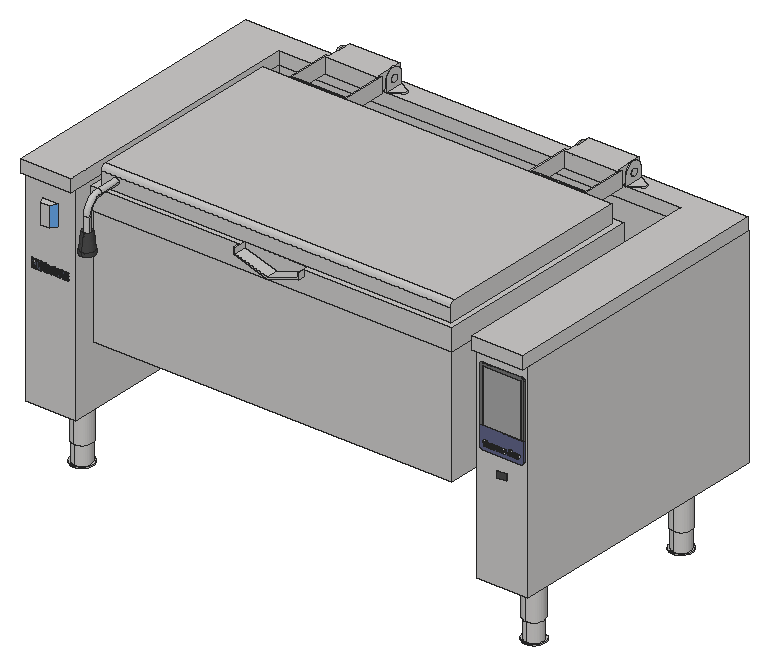
Revit family "QF_ELECTROLUXPROFESSIONAL_587035_PFET17ECUU", category Attrezzature speciali, Revit 2020 (continued)
Definition of nested family "QF_ELECTROLUXPROFESSIONAL_PBOTNB900_LEFT"
  Automatic sketch dimensions
    Extrusion 4 sketch curve to Extrusion 4 sketch curve = 1.476 mm  (x2)
    Extrusion 4 sketch curve to Extrusion 4 sketch curve = 1.469 mm  (x2)
    Extrusion 4 sketch curve to Extrusion 4 sketch curve = 3.728 mm
    Extrusion 4 sketch curve to Extrusion 4 sketch curve = 0.046 mm
    Extrusion 4 sketch curve to Extrusion 4 sketch curve = 0.177 mm
    Extrusion 4 sketch curve to Extrusion 4 sketch curve = 0.947 mm
    Extrusion 4 sketch curve to Extrusion 4 sketch curve = 0.308 mm
    Extrusion 4 sketch curve to Extrusion 4 sketch curve = 0.091 mm
    Extrusion 4 sketch curve to Extrusion 4 sketch curve = 2.375 mm
    Extrusion 4 sketch curve to Extrusion 4 sketch curve = 0.94 mm
    Extrusion 4 sketch curve to Extrusion 4 sketch curve = 0.54 mm
    Extrusion 4 sketch curve to Extrusion 4 sketch curve = 0.102 mm
    Extrusion 4 sketch curve to Extrusion 4 sketch curve = 0.002 mm  (x4)
    Extrusion 4 sketch curve to Extrusion 4 sketch curve = 0.105 mm
    Extrusion 4 sketch curve to Extrusion 4 sketch curve = 0.097 mm
    Extrusion 4 sketch curve to plane 3 "Center (Left/Right)" = 0.241 mm
    Extrusion 4 sketch curve to plane 3 "Center (Left/Right)" = 0.412 mm
    Extrusion 4 sketch curve to plane 3 "Center (Left/Right)" = 2.074 mm
    Extrusion 4 sketch curve to Extrusion 4 sketch curve = 1.777 mm
    Extrusion 4 sketch curve to plane 3 "Center (Left/Right)" = 2.704 mm
    Extrusion 4 sketch curve to Extrusion 4 sketch curve = 1.001 mm
    Extrusion 4 sketch curve to Extrusion 4 sketch curve = 1.393 mm  (x2)
    Extrusion 4 sketch curve to Extrusion 4 sketch curve = 2.363 mm
    Extrusion 4 sketch curve to Extrusion 4 sketch curve = 2.253 mm
    Extrusion 4 sketch curve to Extrusion 4 sketch curve = 0.014 mm  (x4)
    Extrusion 4 sketch curve to Extrusion 4 sketch curve = 0.172 mm
    Extrusion 4 sketch curve to Extrusion 4 sketch curve = 0.096 mm
    Extrusion 4 sketch curve to Extrusion 4 sketch curve = 0.164 mm
    Extrusion 4 sketch curve to Extrusion 4 sketch curve = 0.298 mm
    Extrusion 4 sketch curve to Extrusion 4 sketch curve = 0.247 mm
    Extrusion 4 sketch curve to Extrusion 4 sketch curve = 0.084 mm
    Extrusion 4 sketch curve to Extrusion 4 sketch curve = 6.484 mm
    Extrusion 4 sketch curve to Extrusion 4 sketch curve = 2.596 mm
    Extrusion 4 sketch curve to Extrusion 4 sketch curve = 0.059 mm  (x2)
    Extrusion 4 sketch curve to Extrusion 4 sketch curve = 3.889 mm
    Extrusion 4 sketch curve to Extrusion 4 sketch curve = 6.029 mm
    Extrusion 4 sketch curve to Extrusion 4 sketch curve = 0.929 mm
    Extrusion 4 sketch curve to Extrusion 4 sketch curve = 1.102 mm
    Extrusion 4 sketch curve to Extrusion 4 sketch curve = 0.756 mm  (x2)
    Extrusion 4 sketch curve to Extrusion 4 sketch curve = 0.852 mm
    Extrusion 4 sketch curve to Extrusion 4 sketch curve = 0.108 mm
    Extrusion 4 sketch curve to Extrusion 4 sketch curve = 0.101 mm
    Extrusion 4 sketch curve to Extrusion 4 sketch curve = 0.072 mm
    Extrusion 4 sketch curve to Extrusion 4 sketch curve = 1.67 mm
    Extrusion 4 sketch curve to Extrusion 4 sketch curve = 1.834 mm
    Extrusion 4 sketch curve to Extrusion 4 sketch curve = 0.366 mm
    Extrusion 4 sketch curve to Extrusion 4 sketch curve = 0.993 mm
    Extrusion 4 sketch curve to Extrusion 4 sketch curve = 0.81 mm
    Extrusion 4 sketch curve to Extrusion 4 sketch curve = 1.026 mm  (x2)
    Extrusion 4 sketch curve to Extrusion 4 sketch curve = 4.272 mm
    Extrusion 4 sketch curve to Extrusion 4 sketch curve = 0.163 mm
    Extrusion 4 sketch curve to Extrusion 4 sketch curve = 0.551 mm
    plane 14 to Extrusion 4 sketch curve = 6.023 mm
    Extrusion 4 sketch curve to Extrusion 4 sketch curve = 1.451 mm
    plane 14 to Extrusion 4 sketch curve = 5.28 mm
    Extrusion 4 sketch curve to Extrusion 4 sketch curve = 0.045 mm  (x2)
    Extrusion 4 sketch curve to Extrusion 4 sketch curve = 0.241 mm
    Extrusion 4 sketch curve to Extrusion 4 sketch curve = 0.039 mm
    Extrusion 4 sketch curve to Extrusion 4 sketch curve = 1.134 mm
    Extrusion 4 sketch curve to Extrusion 4 sketch curve = 2.351 mm
    Extrusion 4 sketch curve to plane 14 = 0.874 mm
    Extrusion 4 sketch curve to Extrusion 4 sketch curve = 10.128 mm
    Extrusion 4 sketch curve to Extrusion 4 sketch curve = 0.956 mm
    Extrusion 4 sketch curve to Extrusion 4 sketch curve = 1.263 mm
    Extrusion 4 sketch curve to Extrusion 4 sketch curve = 2.577 mm
    Extrusion 4 sketch curve to Extrusion 4 sketch curve = 0.243 mm
    Extrusion 4 sketch curve to Extrusion 4 sketch curve = 0.031 mm
    Extrusion 4 sketch curve to Extrusion 4 sketch curve = 7.148 mm
    Extrusion 4 sketch curve to Extrusion 4 sketch curve = 1.502 mm
    Extrusion 4 sketch curve to Extrusion 4 sketch curve = 11.54 mm
    Extrusion 4 sketch curve to Extrusion 4 sketch curve = 11.758 mm
    Extrusion 4 sketch curve to Extrusion 4 sketch curve = 4.097 mm
    Extrusion 4 sketch curve to Extrusion 4 sketch curve = 0.011 mm
    Extrusion 4 sketch curve to Extrusion 4 sketch curve = 4.488 mm
    plane 17 "CHW" to Extrusion 4 sketch curve = 191.223 mm
    Extrusion 4 sketch curve to Extrusion 4 sketch curve = 3.444 mm  (x2)
    Extrusion 4 sketch curve to Extrusion 4 sketch curve = 3.777 mm
    Extrusion 4 sketch curve to Extrusion 4 sketch curve = 1.093 mm
    Extrusion 4 sketch curve to Extrusion 4 sketch curve = 1.192 mm
    Extrusion 4 sketch curve to Extrusion 4 sketch curve = 0.319 mm
    Extrusion 4 sketch curve to Extrusion 4 sketch curve = 5.798 mm
    Extrusion 4 sketch curve to Extrusion 4 sketch curve = 2.021 mm
    Extrusion 4 sketch curve to Extrusion 4 sketch curve = 2.357 mm  (x3)
    Extrusion 4 sketch curve to Extrusion 4 sketch curve = 0.892 mm  (x3)
    Extrusion 4 sketch curve to Extrusion 4 sketch curve = 1.018 mm
    Extrusion 4 sketch curve to Extrusion 4 sketch curve = 3.382 mm  (x2)
    Extrusion 4 sketch curve to Extrusion 4 sketch curve = 2.117 mm
    Extrusion 4 sketch curve to Extrusion 4 sketch curve = 0.195 mm  (x2)
    Extrusion 4 sketch curve to Extrusion 4 sketch curve = 0.295 mm  (x2)
    Extrusion 4 sketch curve to Extrusion 4 sketch curve = 0.618 mm
    Extrusion 4 sketch curve to Extrusion 4 sketch curve = 0.385 mm  (x2)
    Extrusion 4 sketch curve to Extrusion 4 sketch curve = 1.626 mm  (x2)
    Extrusion 4 sketch curve to Extrusion 4 sketch curve = 1.65 mm
    Extrusion 4 sketch curve to Extrusion 4 sketch curve = 1.662 mm
    Extrusion 4 sketch curve to Extrusion 4 sketch curve = 0.013 mm  (x2)
    Extrusion 4 sketch curve to Extrusion 4 sketch curve = 0.292 mm
    Extrusion 4 sketch curve to Extrusion 4 sketch curve = 0.107 mm  (x2)
    Extrusion 4 sketch curve to Extrusion 4 sketch curve = 0.068 mm  (x2)
    Extrusion 4 sketch curve to Extrusion 4 sketch curve = 0.968 mm
    Extrusion 4 sketch curve to Extrusion 4 sketch curve = 0.365 mm
    Extrusion 4 sketch curve to Extrusion 4 sketch curve = 2.361 mm
    Extrusion 4 sketch curve to Extrusion 4 sketch curve = 2.359 mm
    Extrusion 4 sketch curve to Extrusion 4 sketch curve = 0.531 mm  (x2)
    Extrusion 4 sketch curve to Extrusion 4 sketch curve = 0.928 mm  (x2)
    Extrusion 4 sketch curve to Extrusion 4 sketch curve = 1.058 mm
    Extrusion 4 sketch curve to Extrusion 4 sketch curve = 0.297 mm  (x2)
    Extrusion 4 sketch curve to Extrusion 4 sketch curve = 0.155 mm  (x2)
    Extrusion 4 sketch curve to Extrusion 4 sketch curve = 1.305 mm
    Extrusion 4 sketch curve to Extrusion 4 sketch curve = 1.037 mm
    Extrusion 4 sketch curve to Extrusion 4 sketch curve = 0.182 mm  (x2)
    Extrusion 4 sketch curve to Extrusion 4 sketch curve = 0.607 mm  (x2)
    Extrusion 4 sketch curve to Extrusion 4 sketch curve = 0.304 mm  (x2)
    Extrusion 4 sketch curve to Extrusion 4 sketch curve = 0.372 mm  (x2)
    Extrusion 4 sketch curve to Extrusion 4 sketch curve = 0.016 mm  (x2)
    Extrusion 4 sketch curve to Extrusion 4 sketch curve = 0.996 mm
    Extrusion 4 sketch curve to Extrusion 4 sketch curve = 0.93 mm
    Extrusion 4 sketch curve to Extrusion 4 sketch curve = 0.709 mm  (x2)
    Extrusion 4 sketch curve to Extrusion 4 sketch curve = 1.752 mm
    Extrusion 4 sketch curve to Extrusion 4 sketch curve = 1.017 mm
    Extrusion 4 sketch curve to Extrusion 4 sketch curve = 4.718 mm
    Extrusion 4 sketch curve to Extrusion 4 sketch curve = 0.891 mm
    Extrusion 4 sketch curve to Extrusion 4 sketch curve = 3.826 mm
    Extrusion 4 sketch curve to Extrusion 4 sketch curve = 1.696 mm
    Extrusion 4 sketch curve to Extrusion 4 sketch curve = 0.954 mm
    Extrusion 4 sketch curve to Extrusion 4 sketch curve = 5.576 mm
    Extrusion 4 sketch curve to Extrusion 4 sketch curve = 5.657 mm  (x2)
    Extrusion 4 sketch curve to Extrusion 4 sketch curve = 5.661 mm  (x2)
    Extrusion 4 sketch curve to Extrusion 4 sketch curve = 0.006 mm
    Extrusion 4 sketch curve to Extrusion 4 sketch curve = 1.499 mm
    Extrusion 4 sketch curve to Extrusion 4 sketch curve = 7.186 mm
    Extrusion 4 sketch curve to Extrusion 4 sketch curve = 2.203 mm
    Extrusion 4 sketch curve to Extrusion 4 sketch curve = 2.21 mm
    Extrusion 4 sketch curve to Extrusion 4 sketch curve = 1.607 mm
    Extrusion 4 sketch curve to Extrusion 4 sketch curve = 3.479 mm
    Extrusion 4 sketch curve to Extrusion 4 sketch curve = 3.92 mm
    Extrusion 4 sketch curve to Extrusion 4 sketch curve = 0.05 mm
    Extrusion 4 sketch curve to Extrusion 4 sketch curve = 1.776 mm
    Extrusion 4 sketch curve to Extrusion 4 sketch curve = 4.017 mm
    Extrusion 4 sketch curve to Extrusion 4 sketch curve = 0.196 mm  (x2)
    Extrusion 4 sketch curve to Extrusion 4 sketch curve = 0.19 mm
    Extrusion 4 sketch curve to Extrusion 4 sketch curve = 1.312 mm
    Extrusion 4 sketch curve to Extrusion 4 sketch curve = 0.146 mm
    Extrusion 4 sketch curve to Extrusion 4 sketch curve = 2.831 mm
    Extrusion 4 sketch curve to Extrusion 4 sketch curve = 0.387 mm
    Extrusion 4 sketch curve to Extrusion 4 sketch curve = 0.174 mm
    Extrusion 4 sketch curve to Extrusion 4 sketch curve = 4.623 mm
    Extrusion 4 sketch curve to Extrusion 4 sketch curve = 1.754 mm
    Extrusion 4 sketch curve to Extrusion 4 sketch curve = 0.188 mm
    Extrusion 4 sketch curve to Extrusion 4 sketch curve = 0.02 mm
    Extrusion 4 sketch curve to Extrusion 4 sketch curve = 0.313 mm
    Extrusion 4 sketch curve to Extrusion 4 sketch curve = 0.12 mm
    Extrusion 4 sketch curve to Extrusion 4 sketch curve = 0.062 mm
    Extrusion 4 sketch curve to Extrusion 4 sketch curve = 0.568 mm
    Extrusion 4 sketch curve to Extrusion 4 sketch curve = 1.763 mm
    Extrusion 4 sketch curve to Extrusion 4 sketch curve = 0.095 mm
    Extrusion 4 sketch curve to Extrusion 4 sketch curve = 1.817 mm
    Extrusion 4 sketch curve to Extrusion 4 sketch curve = 0.357 mm
    Extrusion 4 sketch curve to Extrusion 4 sketch curve = 0.008 mm
    Extrusion 4 sketch curve to Extrusion 4 sketch curve = 0.36 mm
    Extrusion 4 sketch curve to Extrusion 4 sketch curve = 3.784 mm
    Extrusion 4 sketch curve to Extrusion 4 sketch curve = 1.654 mm
    Extrusion 4 sketch curve to Extrusion 4 sketch curve = 1.454 mm
    Extrusion 4 sketch curve to Extrusion 4 sketch curve = 1.705 mm
    Extrusion 4 sketch curve to Extrusion 4 sketch curve = 1.893 mm
    Extrusion 4 sketch curve to Extrusion 4 sketch curve = 3.429 mm
    Extrusion 4 sketch curve to Extrusion 4 sketch curve = 1.094 mm
    Extrusion 4 sketch curve to Extrusion 4 sketch curve = 2.218 mm
    Extrusion 4 sketch curve to Extrusion 4 sketch curve = 1.404 mm
    Extrusion 4 sketch curve to Extrusion 4 sketch curve = 5.763 mm
    Extrusion 4 sketch curve to Extrusion 4 sketch curve = 2.932 mm  (x2)
    Extrusion 4 sketch curve to Extrusion 4 sketch curve = 5.959 mm
    Extrusion 4 sketch curve to Extrusion 4 sketch curve = 1.424 mm
    Extrusion 4 sketch curve to Extrusion 4 sketch curve = 3.23 mm
    Extrusion 4 sketch curve to Extrusion 4 sketch curve = 1.975 mm
    Extrusion 4 sketch curve to Extrusion 4 sketch curve = 3.779 mm
    Extrusion 4 sketch curve to Extrusion 4 sketch curve = 2.212 mm
    Extrusion 4 sketch curve to Extrusion 4 sketch curve = 3.78 mm
    Extrusion 4 sketch curve to Extrusion 4 sketch curve = 1.279 mm
    Extrusion 4 sketch curve to Extrusion 4 sketch curve = 1.343 mm  (x2)
    Extrusion 4 sketch curve to Extrusion 4 sketch curve = 1.353 mm  (x2)
    Extrusion 4 sketch curve to Extrusion 4 sketch curve = 0.027 mm  (x2)
    Extrusion 4 sketch curve to Extrusion 4 sketch curve = 0.395 mm  (x2)
    Extrusion 4 sketch curve to Extrusion 4 sketch curve = 0.329 mm  (x2)
    Extrusion 4 sketch curve to Extrusion 4 sketch curve = 0.425 mm  (x2)
    Extrusion 4 sketch curve to Extrusion 4 sketch curve = 0.051 mm  (x2)
    Extrusion 4 sketch curve to Extrusion 4 sketch curve = 0.495 mm  (x2)
    Extrusion 4 sketch curve to Extrusion 4 sketch curve = 0.267 mm  (x2)
    Extrusion 4 sketch curve to Extrusion 4 sketch curve = 1.4 mm
    Extrusion 4 sketch curve to Extrusion 4 sketch curve = 5.233 mm
    Extrusion 4 sketch curve to Extrusion 4 sketch curve = 2.062 mm
    Extrusion 5 sketch curve to plane 13 "HW_CW" = 0.0 mm  (x2)
    Extrusion 5 sketch curve to plane 15 = 0.0 mm
    Extrusion 5 sketch curve to plane 14 = 0.0 mm
    radius of Extrusion 2 sketch curve = 6.35 mm  (x2)
    radius of Extrusion 4 sketch curve = 2.453 mm
    radius of Extrusion 4 sketch curve = 1.557 mm
    radius of Extrusion 4 sketch curve = 1.468 mm
    radius of Extrusion 4 sketch curve = 2.451 mm
    radius of Extrusion 5 sketch curve = 5.0 mm  (x2)
Definition of nested family "QF_ELECTROLUXPROFESSIONAL_PBOTNB900_RIGHT"
  Parameters
    Width = 160.0 mm
    Right = Width / 2  # 80.0 mm
    Default Elevation = 0.0 mm
    Left = -Width / 2  # -80.0 mm
    Htop = 40.0 mm
    Height = 900.0 mm
    HBase = 200.0 mm
    EI_z = 250.0 mm
    EI_y = 312.0 mm
    Depth = 900.0 mm
    BorderFront = 20.0 mm
    Body Finish [instance] = none
  Reference planes
    plane 1 "Center (Front/Back)": y = 0
    plane 2: z = 0
    plane 3 "Center (Left/Right)": x = 0
    plane 4 "LEFT": x = -80
    plane 5 "RIGHT": x = 80
    plane 6 "BACK": y = 450
    plane 7 "FRONT": y = -450
    plane 8 "Base": z = 200
    plane 9 "TOP": z = 900
    plane 10 "BorderFront": y = -430
    plane 11: z = 860
    plane 12 "EI": z = 450
    plane 13: y = 138
    plane 14 "STEAM_y": y = 211
    plane 15 "Steam_z": z = 340
  Forms (mm)
    Extrusion 1, solid
      sketch origin (0, 0, 0) x (1, 0, 0) y (0, 1, 0)
        loop
          line (-80, 450) -> (-80, -430) -> (80, -430) -> (80, 450) -> (-80, 450)
      from 860 to 200
    Extrusion 2, solid
      sketch origin (0, -430, 0) x (-1, 0, 0) y (0, 0, 1)
        loop
          line (59.714, 823.989) -> (-61.821, 823.989)
          arc (-61.821, 823.989) -> (-68.892, 821.06) -> (-71.821, 813.989) r 10
          line (-71.821, 813.989) -> (-71.821, 644.744) -> (-61.821, 644.744) -> (-61.821, 813.989) -> (59.714, 813.989) -> (59.714, 644.744) -> (69.714, 644.744) -> (69.714, 813.989)
          arc (69.714, 813.989) -> (66.786, 821.06) -> (59.714, 823.989) r 10
      from 0 to -3
    Extrusion 3, solid
      sketch origin (0, -430, 0) x (-1, 0, 0) y (0, 0, 1)
        loop
          line (69.714, 585) -> (69.714, 644.744) -> (-71.821, 644.744) -> (-71.821, 585)
          arc (-71.821, 585) -> (-68.892, 577.929) -> (-61.821, 575) r 10
          line (-61.821, 575) -> (59.714, 575)
          arc (59.714, 575) -> (66.786, 577.929) -> (69.714, 585) r 10
      from -3 to 0
    Extrusion 4, solid
      sketch origin (234.714, -430, 0) x (-1, 0, 0) y (0, 0, 1)
        loop
          line (294.429, 813.989) -> (172.894, 813.989) -> (172.894, 644.744) -> (294.429, 644.744) -> (294.429, 813.989)
      from 0 to -3
    Extrusion 5, solid
      sketch origin (0, -430, 0) x (-1, 0, 0) y (0, 0, 1)
        loop
          line (15, 530) -> (-15, 530) -> (-15, 510) -> (15, 510) -> (15, 530)
      from -1.6 to 0
    Extrusion 6, solid
      sketch origin (0, 450, 0) x (-1, 0, 0) y (0, 0, 1)
        loop
          circle (0, 450) r 5
      from 0 to 2
    Extrusion 7, solid
      sketch origin (0, 0, 200) x (0, 1, 0) y (-1, 0, 0)
        loop
          circle (138, 0) r 10
      from 0 to -3
    Extrusion 8, solid
      sketch origin (0, 0, 200) x (0, 1, 0) y (-1, 0, 0)
        loop
          circle (211, 0) r 12.7
      from 0 to -3
  Lines and regions (mm)
    symbolic lines
      curve 1: line (-80, 450, 0) -> (80, 450, 0)
      curve 2: line (80, 450, 0) -> (80, -430, 0)
  Dimensions and locks
    "Width": plane 4 "LEFT" to plane 5 "RIGHT"
    equal spacing: plane 4 "LEFT", plane 3 "Center (Left/Right)", plane 5 "RIGHT"
    equal spacing: plane 6 "BACK", plane 1 "Center (Front/Back)", plane 7 "FRONT"
    "Depth": plane 6 "BACK" to plane 7 "FRONT"
    "BorderFront": plane 10 "BorderFront" to plane 7 "FRONT"
    "Htop": plane 9 "TOP" to plane 11
    "Height": plane 9 "TOP" to level
    "HBase": plane 8 "Base" to level
    "EI_y": plane 6 "BACK" to plane 13
    "EI_z": plane 12 "EI" to plane 8 "Base"
    plane 6 "BACK" to plane 14 "STEAM_y" = 239.0 mm
    plane 15 "Steam_z" to plane 8 "Base" = 140.0 mm
    aligned and locked: level to plane 2
    aligned and locked: plane 10 "BorderFront" to Extrusion 1 sketch curve
    aligned and locked: plane 11 to Extrusion 1
    aligned and locked: Extrusion 1 to plane 8 "Base"
    aligned and locked: plane 4 "LEFT" to Extrusion 1 sketch curve
    aligned and locked: Extrusion 1 sketch curve to plane 5 "RIGHT"
    aligned and locked: Extrusion 1 sketch curve to plane 6 "BACK"
  Automatic sketch dimensions
    Extrusion 2 sketch curve to plane 5 "RIGHT" = 8.179 mm
    Extrusion 2 sketch curve to Extrusion 2 sketch curve = 10.0 mm  (x2)
    Extrusion 2 sketch curve to Extrusion 2 sketch curve = 0.0 mm  (x4)
    plane 4 "LEFT" to Extrusion 2 sketch curve = 20.286 mm
    Extrusion 2 sketch curve to plane 11 = 215.256 mm
    Extrusion 2 sketch curve to plane 11 = 46.011 mm
    Extrusion 3 sketch curve to plane 5 "RIGHT" = 8.179 mm
    plane 4 "LEFT" to Extrusion 3 sketch curve = 20.286 mm
    plane 4 "LEFT" to Extrusion 3 sketch curve = 10.286 mm
    Extrusion 3 sketch curve to plane 11 = 285.0 mm
    Extrusion 3 sketch curve to Extrusion 3 sketch curve = 59.744 mm
    Extrusion 3 sketch curve to Extrusion 3 sketch curve = 10.0 mm
    plane 4 "LEFT" to Extrusion 4 sketch curve = 20.286 mm
    Extrusion 4 sketch curve to plane 11 = 46.011 mm
    Extrusion 4 sketch curve to plane 5 "RIGHT" = 18.179 mm
    Extrusion 4 sketch curve to Extrusion 4 sketch curve = 169.244 mm
    Extrusion 6 sketch curve to plane 3 "Center (Left/Right)" = 0.0 mm
    Extrusion 6 sketch curve to plane 12 "EI" = 0.0 mm
    curve 1 to plane 4 "LEFT" = 0.0 mm
    curve 1 to plane 5 "RIGHT" = 0.0 mm
    curve 2 to plane 10 "BorderFront" = 0.0 mm
    curve 1 to plane 6 "BACK" = 0.0 mm
    plane 3 "Center (Left/Right)" to Extrusion 5 sketch curve = 15.0 mm
    Extrusion 5 sketch curve to plane 3 "Center (Left/Right)" = 15.0 mm
    plane 12 "EI" to Extrusion 5 sketch curve = 60.0 mm
    Extrusion 5 sketch curve to Extrusion 5 sketch curve = 20.0 mm
    Extrusion 7 sketch curve to plane 3 "Center (Left/Right)" = 0.0 mm
    Extrusion 7 sketch curve to plane 13 = 0.0 mm
    Extrusion 8 sketch curve to plane 3 "Center (Left/Right)" = 0.0 mm
    Extrusion 8 sketch curve to plane 14 "STEAM_y" = 0.0 mm
    radius of Extrusion 6 sketch curve = 5.0 mm
    radius of Extrusion 7 sketch curve = 10.0 mm
    radius of Extrusion 8 sketch curve = 12.7 mm
  Nested families
    nested 1: "ELX_ThermaLine" at (-0.906, -433, 593.675) x (1, 0, 0) z (0, -1, 0), type "ELX_ThermaLine"
      with Show Logo yes, Material_Logo none
  Definition of nested family "ELX_ThermaLine"
    Parameters
      Show Logo [instance] = yes
      Material_Logo [instance] = none
      Default Elevation = 0.0 mm
    Reference planes
      plane 1 "Centro (Fronte/Retro)": y = 0
      plane 2: z = 0
      plane 3 "Centro (Sinistra/Destra)": x = 0
    Forms (mm)
      Extrusion 1, solid
        sketch origin (0, 0, 0) x (1, 0, 0) y (0, 1, 0)
          loop
            line (-1219.2, 1219.2) -> (-1219.2, -1219.2) -> (1219.2, -1219.2) -> (1219.2, 1219.2) -> (-1219.2, 1219.2)
        from 0 to -304.8
      Extrusion 2, solid
        sketch origin (0, 0, 0) x (1, 0, 0) y (0, 1, 0)
          loop
            line (-52.84, 4.345) -> (-50.793, 4.345) -> (-50.793, 6.716) -> (-52.84, 6.716) -> (-52.84, 10.788) -> (-55.901, 9.058) -> (-55.901, 6.716) -> (-57.324, 6.716) -> (-57.324, 4.345) -> (-55.901, 4.345) -> (-55.901, -1.637)
            arc (-55.901, -1.637) -> (-54.76, -4.355) -> (-51.88, -4.985) r 3.198
            line (-51.88, -4.985) -> (-50.444, -4.597) -> (-50.782, -2.189) -> (-51.765, -2.453)
            arc (-51.765, -2.453) -> (-52.506, -2.305) -> (-52.84, -1.628) r 0.854
            line (-52.84, -1.628) -> (-52.84, 4.345)
          loop
            line (-48.642, 11.198) -> (-48.642, -4.787) -> (-45.561, -4.787) -> (-45.561, 2.659)
            arc (-45.561, 2.659) -> (-44.379, 4.372) -> (-42.304, 4.523) r 2.408
            arc (-42.304, 4.523) -> (-41.484, 3.75) -> (-41.182, 2.665) r 2.099
            line (-41.182, 2.665) -> (-41.182, -4.787) -> (-38.117, -4.787) -> (-38.088, 2.166)
            arc (-38.088, 2.166) -> (-38.343, 3.963) -> (-39.021, 5.646) r 7.517
            arc (-39.021, 5.646) -> (-42.369, 6.971) -> (-45.561, 5.303) r 4.327
            line (-45.561, 5.303) -> (-45.561, 11.198) -> (-48.642, 11.198)
          loop
            arc (-28.196, 1.988) -> (-28.834, 3.893) -> (-30.683, 4.679) r 2.449
            arc (-30.683, 4.679) -> (-32.149, 3.674) -> (-32.711, 1.988) r 2.793
            line (-32.711, 1.988) -> (-28.196, 1.988)
          loop
            arc (-25.128, 0.121) -> (-26.074, 4.342) -> (-29.545, 6.923) r 6.212
            arc (-29.545, 6.923) -> (-33.021, 6.358) -> (-35.352, 3.718) r 5.232
            arc (-35.352, 3.718) -> (-35.918, 1.148) -> (-35.633, -1.468) r 8.117
            arc (-35.633, -1.468) -> (-34.524, -3.319) -> (-32.789, -4.603) r 5.523
            arc (-32.789, -4.603) -> (-28.402, -4.744) -> (-25.297, -1.641) r 5.523
            line (-25.297, -1.641) -> (-28.327, -1.106)
            arc (-28.327, -1.106) -> (-29.324, -2.396) -> (-30.951, -2.501) r 1.982
            arc (-30.951, -2.501) -> (-32.276, -1.475) -> (-32.789, 0.121) r 2.835
            line (-32.789, 0.121) -> (-25.128, 0.121)
          loop
            line (-22.733, -4.787) -> (-19.705, -4.787) -> (-19.705, 0)
            arc (-19.705, 0) -> (-19.663, 1.267) -> (-19.469, 2.521) r 10.557
            arc (-19.469, 2.521) -> (-18.189, 4.014) -> (-16.237, 3.761) r 2.069
            line (-16.237, 3.761) -> (-15.318, 6.433)
            arc (-15.318, 6.433) -> (-17.915, 6.783) -> (-19.931, 5.11) r 3.262
            line (-19.931, 5.11) -> (-19.931, 6.752) -> (-22.733, 6.752) -> (-22.733, -4.787)
          loop
            line (-14.233, 6.752) -> (-14.233, -4.787) -> (-11.135, -4.787) -> (-11.135, 1.783)
            arc (-11.135, 1.783) -> (-10.552, 3.635) -> (-8.862, 4.59) r 2.646
            arc (-8.862, 4.59) -> (-7.677, 3.931) -> (-7.234, 2.65) r 1.899
            line (-7.234, 2.65) -> (-7.234, -4.787) -> (-4.155, -4.787) -> (-4.155, 1.467)
            arc (-4.155, 1.467) -> (-3.845, 2.923) -> (-2.97, 4.128) r 3.581
            arc (-2.97, 4.128) -> (-1.581, 4.474) -> (-0.516, 3.516) r 1.525
            arc (-0.516, 3.516) -> (-0.324, 2.735) -> (-0.304, 1.931) r 3.735
            line (-0.304, 1.931) -> (-0.304, -4.787) -> (2.776, -4.787) -> (2.776, 3.096)
            arc (2.776, 3.096) -> (1.833, 5.68) -> (-0.612, 6.942) r 3.784
            arc (-0.612, 6.942) -> (-2.795, 6.596) -> (-4.513, 5.205) r 4.271
            arc (-4.513, 5.205) -> (-5.893, 6.457) -> (-7.686, 6.964) r 4.079
            arc (-7.686, 6.964) -> (-9.75, 6.555) -> (-11.39, 5.237) r 4.412
            line (-11.39, 5.237) -> (-11.39, 6.752) -> (-14.233, 6.752)
          loop
            line (5.334, 3.712) -> (8.069, 3.23)
            arc (8.069, 3.23) -> (10.312, 4.685) -> (12.137, 2.73) r 2.082
            line (12.137, 2.73) -> (8.171, 1.741)
            arc (8.171, 1.741) -> (6.593, 1.022) -> (5.378, -0.215) r 4.758
            arc (5.378, -0.215) -> (5.225, -1.991) -> (5.744, -3.697) r 4.711
            arc (5.744, -3.697) -> (7.301, -4.682) -> (9.118, -4.992) r 4.691
            arc (9.118, -4.992) -> (10.903, -4.593) -> (12.411, -3.558) r 4.818
            line (12.411, -3.558) -> (12.81, -4.787) -> (15.873, -4.787) -> (15.179, -2.652) -> (15.179, 3.25)
            arc (15.179, 3.25) -> (14.773, 5.146) -> (13.38, 6.496) r 3.336
            arc (13.38, 6.496) -> (10.765, 7.201) -> (8.091, 6.773) r 6.459
            arc (8.091, 6.773) -> (6.348, 5.57) -> (5.334, 3.712) r 4.569
          loop
            line (21.001, -4.787) -> (24.24, -4.787) -> (27.623, 11.127) -> (24.384, 11.127) -> (21.001, -4.787)
          loop
            line (27.273, -4.787) -> (30.332, -4.787) -> (32.777, 6.716) -> (29.718, 6.716) -> (27.273, -4.787)
          loop
            line (30.656, 11.127) -> (30.058, 8.314) -> (33.117, 8.314) -> (33.715, 11.127) -> (30.656, 11.127)
          loop
            line (33.431, -4.787) -> (36.649, -4.787) -> (38.261, 2.796)
            arc (38.261, 2.796) -> (39.644, 4.445) -> (41.791, 4.594) r 2.751
            arc (41.791, 4.594) -> (42.425, 3.729) -> (42.502, 2.659) r 1.936
            line (42.502, 2.659) -> (40.919, -4.787) -> (43.989, -4.787) -> (45.795, 3.712)
            arc (45.795, 3.712) -> (45.588, 5.458) -> (44.361, 6.716) r 2.734
            arc (44.361, 6.716) -> (41.222, 6.857) -> (38.516, 5.259) r 5.512
            line (38.516, 5.259) -> (38.826, 6.716) -> (35.876, 6.716) -> (33.431, -4.787)
          loop
            line (50.773, 1.934) -> (55.672, 1.934)
            arc (55.672, 1.934) -> (55.737, 2.919) -> (55.334, 3.821) r 2.051
            arc (55.334, 3.821) -> (53.773, 4.722) -> (52.024, 4.287) r 2.407
            arc (52.024, 4.287) -> (51.223, 3.203) -> (50.773, 1.934) r 4.566
          loop
            line (50.479, 0) -> (58.259, 0)
            arc (58.259, 0) -> (58.241, 3.53) -> (56.181, 6.396) r 5.8
            arc (56.181, 6.396) -> (52.577, 6.992) -> (49.395, 5.199) r 5.498
            arc (49.395, 5.199) -> (47.819, 2.372) -> (47.536, -0.853) r 7.747
            arc (47.536, -0.853) -> (48.406, -3.006) -> (50.236, -4.437) r 4.494
            arc (50.236, -4.437) -> (52.672, -4.934) -> (55.109, -4.437) r 6.224
            arc (55.109, -4.437) -> (56.76, -3.346) -> (57.916, -1.739) r 5.478
            line (57.916, -1.739) -> (55.129, -1.247)
            arc (55.129, -1.247) -> (53.897, -2.495) -> (52.149, -2.637) r 2.52
            arc (52.149, -2.637) -> (50.809, -1.638) -> (50.479, 0) r 2.336
          loop
            line (12.154, 0.755) -> (8.732, -0.098)
            arc (8.732, -0.098) -> (8.126, -1.288) -> (8.732, -2.478) r 1.471
            arc (8.732, -2.478) -> (10.437, -2.725) -> (11.827, -1.706) r 2.276
            arc (11.827, -1.706) -> (12.142, -0.496) -> (12.154, 0.755) r 5.123
        from 0 to 1.6
    Dimensions and locks
      aligned and locked: plane 2 to Extrusion 1
      aligned and locked: level to Extrusion 1
Definition of nested family "QF_ELECTROLUXPROFESSIONAL_2FEET_THL_120xH200"
  Parameters
    Width = 120.0 mm
    Right = Width / 2  # 60.0 mm
    Default Elevation = 0.0 mm
    Left = -Width / 2  # -60.0 mm
    Height = 200.0 mm
    HBase = Height - 15.0 mm  # 185.0 mm
    Depth = 880.0 mm
  Reference planes
    plane 1 "Center (Front/Back)": y = 0
    plane 2: z = 0
    plane 3 "Center (Left/Right)": x = 0
    plane 4 "LEFT": x = -60
    plane 5 "RIGHT": x = 60
    plane 6 "BACK": y = 440
    plane 7 "FRONT": y = -440
    plane 8 "Base": z = 185
    plane 9 "TOP": z = 200
    plane 10: y = 283
    plane 11: y = -304
    plane 12: y = 368
    plane 13: y = -388
    plane 14: x = -80
  Forms (mm)
    Extrusion 1, solid
      sketch origin (0, 0, 200) x (0, 1, 0) y (-1, 0, 0)
        loop
          line (368, 60) -> (-388, 60) -> (-388, -60) -> (368, -60) -> (368, 60)
      from 0 to -15
    Revolve 2, solid
      sketch origin (0, 0, 0) x (0, 1, 0) y (0, 0, 1)
        loop
          line (283, 0) -> (318, 0) -> (318, 2) -> (311.179, 2) -> (311.179, 63) -> (314.75, 63) -> (314.75, 185) -> (283, 185) -> (283, 0)
        axis (283, 185) -> (283, 0)
      angle from 0 to 360
    Revolve 3, solid
      sketch origin (0, 0, 0) x (0, 1, 0) y (0, 0, 1)
        loop
          line (-304, 185) -> (-304, 0) -> (-269, 0) -> (-269, 2) -> (-275.821, 2) -> (-275.821, 63) -> (-272.25, 63) -> (-272.25, 185) -> (-304, 185)
        axis (-304, 185) -> (-304, 0)
      angle from 0 to 360
  Dimensions and locks
    "Width": plane 4 "LEFT" to plane 5 "RIGHT"
    equal spacing: plane 4 "LEFT", plane 3 "Center (Left/Right)", plane 5 "RIGHT"
    equal spacing: plane 6 "BACK", plane 1 "Center (Front/Back)", plane 7 "FRONT"
    "Depth": plane 6 "BACK" to plane 7 "FRONT"
    "HBase": plane 8 "Base" to level
    "Height": plane 9 "TOP" to level
    locked: plane 6 "BACK" to plane 10 at 157
    locked: plane 10 to plane 11 at 587
    plane 6 "BACK" to plane 12 = 72.0 mm
    plane 13 to plane 7 "FRONT" = 52.0 mm
    plane 12 to plane 13 = 756.0 mm
    plane 14 to plane 3 "Center (Left/Right)" = 80.0 mm
    aligned and locked: level to plane 2
    aligned and locked: Extrusion 1 sketch curve to plane 5 "RIGHT"
    aligned and locked: plane 4 "LEFT" to Extrusion 1 sketch curve
    aligned and locked: Extrusion 1 to plane 8 "Base"
    aligned and locked: Extrusion 1 sketch curve to plane 12
    aligned and locked: plane 13 to Extrusion 1 sketch curve
  Automatic sketch dimensions
    Revolve 2 sketch curve to level = 0.0 mm
    Revolve 2 sketch curve to plane 10 = 0.0 mm  (x2)
    Revolve 2 sketch curve to plane 8 "Base" = 0.0 mm
    plane 10 to Revolve 2 sketch curve = 28.179 mm
    Revolve 2 sketch curve to Revolve 2 sketch curve = 31.75 mm
    Revolve 2 sketch curve to Revolve 2 sketch curve = 6.821 mm
    level to Revolve 2 sketch curve = 2.0 mm
    Revolve 2 sketch curve to Revolve 2 sketch curve = 61.0 mm
    Revolve 2 sketch curve to level = 50.0 mm
    plane 9 "TOP" to Revolve 2 sketch curve = 70.0 mm
    Revolve 3 sketch curve to plane 11 = 0.0 mm
    Revolve 3 sketch curve to level = 0.0 mm
    Revolve 3 sketch curve to plane 10 = 587.0 mm
    Revolve 3 sketch curve to plane 8 "Base" = 0.0 mm
    Revolve 3 sketch curve to plane 10 = 558.821 mm
    Revolve 3 sketch curve to Revolve 3 sketch curve = 3.571 mm
    Revolve 3 sketch curve to Revolve 3 sketch curve = 6.821 mm
    level to Revolve 3 sketch curve = 2.0 mm
    Revolve 3 sketch curve to Revolve 3 sketch curve = 61.0 mm
    Revolve 3 sketch curve to level = 180.0 mm
    plane 9 "TOP" to Revolve 3 sketch curve = 205.0 mm
Definition of nested family "QF_ELECTROLUXPROFESSIONAL_PFET900_LEVEL1"
  Parameters
    Default Elevation = 0.0 mm
    Assembly Code = ""
  Reference planes
    plane 1 "Center (Front/Back)": y = 0
    plane 2: z = 0
    plane 3 "Center (Left/Right)": x = 0
  Forms (mm)
    Sweep 1, solid
      path origin (0, 0, 0) x (0, 1, 0) y (0, 0, 1)
        loop
          line (0, 0) -> (-70, 0)
          arc (-70, 0) -> (-101.82, -13.18) -> (-115, -45) r 45
          line (-115, -45) -> (-115, -90)
      profile origin (0, -35, 0) x (0, 0, -1) y (1, 0, 0)
        loop
          circle (0, 0) r 9
    Revolve 2, solid
      sketch origin (0, 0, 0) x (0, 1, 0) y (0, 0, 1)
        loop
          line (-115, -90) -> (-115, -152.379) -> (-92.246, -152.379) -> (-92.246, -142.379) -> (-94.495, -142.379) -> (-100, -90) -> (-115, -90)
        axis (-115, -90) -> (-115, -152.379)
      angle from 0 to 360
  Lines and regions (mm)
    symbolic lines
      curve 1: line (9, 0, 0) -> (9, -94.102, 0)
      curve 2: line (-9, 0, 0) -> (-9, -94.102, 0)
      curve 3: circle (0, -115, 0) r 22.754 normal (0, 0, 1)
  Dimensions and locks
    aligned and locked: level to plane 2
